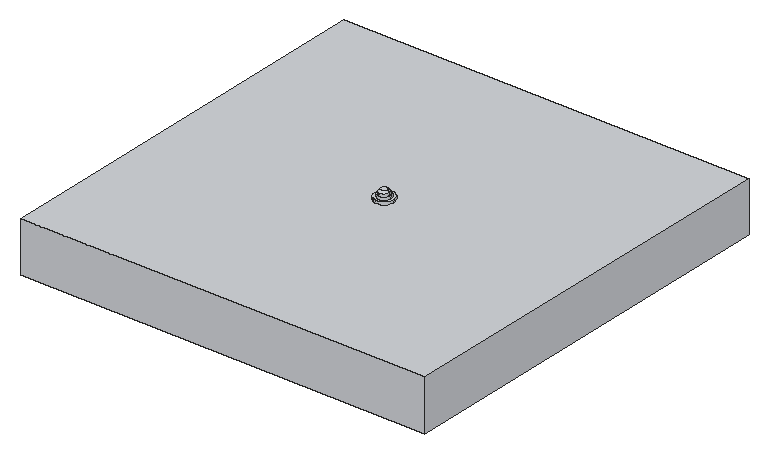
Revit family "M_Detector de calor fixado", category Dispositivos de alarme de incêndio, Revit 2019
Family settings
  Hospedeiro = Face
  Manter orientação da anotação = Não
  Cota do conector redondo = Utilizar diâmetro
  Tipo de parte = Normal
  Número OmniClass = 23.85.30.21.11.11
  Título OmniClass = Fire/Smoke Detectors
  ID de item do Seek = Fixed Heat Detector-0000-CAN-ENU
  Corte com vazios quando carregada = Não
  Compartilhado = Não
  Ponto de cálculo do ambiente = Não
Parameters (values of type "Padrão")
  Raio 2 = 19 mm
  Raio 3 = 29 mm
  Raio 1 = 38 mm
  Raio = Diâmetro * 0.5  # 58 mm
  Legenda = ""
  Diâmetro = 116 mm
  Material do detector = none
  Comprimento 3 = 13 mm
  Comprimento 2 = 13 mm
  Comprimento 1 = 13 mm
  Comprimento = 51 mm
  Elevação-padrão = 1200 mm
Types (4, lengths in mm): name | Legenda
  (no name) | ""
  Padrão | ""
  200F | "200°"
  135F | "135°"
Reference planes
  plane 1 "Centro (Frente/Trás)": y = 0
  plane 2: z = 0
  plane 3 "Centro (Esquerda/Direita)": x = 0
  plane 4: z = 13
  plane 5: z = 51
  plane 6: z = 39
  plane 7: z = 26
Forms (mm)
  Extrusion 1, solid
    sketch origin (0, 0, 0) x (1, 0, 0) y (0, 1, 0)
      loop
        line (-1219.2, 1219.2) -> (-1219.2, -1219.2) -> (1219.2, -1219.2) -> (1219.2, 1219.2) -> (-1219.2, 1219.2)
    from 0 to -304.8
  Extrusion 2, solid, material <- "Material do detector"
    sketch origin (0, 0, 0) x (1, 0, 0) y (0, 1, 0)
      loop
        circle (0, 0) r 58
    from 0 to 13
  Extrusion 3, solid, material <- "Material do detector"
    sketch origin (0, 0, 0) x (1, 0, 0) y (0, 1, 0)
      loop
        circle (0, 0) r 38
    from 13 to 26
  Blend 4, solid, material <- "Material do detector"
    base sketch origin (0, 0, 0) x (1, 0, 0) y (0, 1, 0)
      loop
        circle (0, 0) r 29
    top sketch origin (0, 0, 0) x (1, 0, 0) y (0, 1, 0)
      loop
        circle (0, 0) r 19
    from 39 to 51
  Extrusion 5, solid, material <- "Material do detector"
    sketch origin (0, 0, 0) x (1, 0, 0) y (0, 1, 0)
      loop
        circle (0, 0) r 29
    from 26 to 39
Cuts and joins
  joined: Extrusion 2, Extrusion 3, Blend 4, Extrusion 5
Lines and regions (mm)
  symbolic lines, detail levels fine
    curve 1: arc (-58, 0, 0) -> (0, -58, 0) -> (58, 0, 0) r 58
    curve 2: arc (58, 0, 0) -> (0, 58, 0) -> (-58, 0, 0) r 58
    curve 3: arc (38, 0, 0) -> (0, 38, 0) -> (-38, 0, 0) r 38
    curve 4: arc (-38, 0, 0) -> (0, -38, 0) -> (38, 0, 0) r 38
    curve 5: arc (-29, 0, 0) -> (0, -29, 0) -> (29, 0, 0) r 29
    curve 6: arc (29, 0, 0) -> (0, 29, 0) -> (-29, 0, 0) r 29
    curve 7: arc (19, 0, 0) -> (0, 19, 0) -> (-19, 0, 0) r 19
    curve 8: arc (-19, 0, 0) -> (0, -19, 0) -> (19, 0, 0) r 19
Dimensions and locks
  "Comprimento 1": plane 4 to level
  "Comprimento": plane 5 to level
  "Comprimento 2": plane 7 to plane 4
  "Comprimento 3": plane 6 to plane 7
  "Raio": radius of Extrusion 2 sketch curve
  "Raio 1": radius of Extrusion 3 sketch curve
  "Raio 3": radius of Blend 4 sketch curve
  "Raio 2": radius of Blend 4 sketch curve
  "Raio 3": radius of Extrusion 5 sketch curve
  aligned and locked: plane 2 to Extrusion 1
  aligned and locked: level to Extrusion 1
  aligned and locked: Extrusion 2 to plane 2
  aligned and locked: plane 4 to Extrusion 2
  aligned and locked: Extrusion 3 to plane 4
  aligned and locked: plane 1 "Centro (Frente/Trás)" to Blend 4 sketch curve  (x2)
  aligned and locked: plane 3 "Centro (Esquerda/Direita)" to Blend 4 sketch curve  (x2)
  aligned and locked: plane 5 to Blend 4
  aligned and locked: Blend 4 to plane 6
  aligned and locked: Blend 4 to plane 5
  aligned and locked: plane 1 "Centro (Frente/Trás)" to Extrusion 2 sketch curve
  aligned and locked: plane 3 "Centro (Esquerda/Direita)" to Extrusion 2 sketch curve
  aligned and locked: plane 1 "Centro (Frente/Trás)" to Extrusion 3 sketch curve
  aligned and locked: plane 3 "Centro (Esquerda/Direita)" to Extrusion 3 sketch curve
  aligned and locked: plane 1 "Centro (Frente/Trás)" to Extrusion 5 sketch curve
  aligned and locked: plane 3 "Centro (Esquerda/Direita)" to Extrusion 5 sketch curve
  aligned and locked: plane 6 to Extrusion 5
  aligned and locked: plane 7 to cut or joined group of Extrusion 2, Extrusion 3, Blend 4, Extrusion 5  (x2)
  aligned and locked: cut or joined group of Extrusion 2, Extrusion 3, Blend 4, Extrusion 5 to plane 7
  aligned and locked: curve 1 to cut or joined group of Extrusion 2, Extrusion 3, Blend 4, Extrusion 5
  aligned and locked: curve 2 to cut or joined group of Extrusion 2, Extrusion 3, Blend 4, Extrusion 5
  aligned and locked: curve 3 to cut or joined group of Extrusion 2, Extrusion 3, Blend 4, Extrusion 5
  aligned and locked: curve 4 to cut or joined group of Extrusion 2, Extrusion 3, Blend 4, Extrusion 5
  aligned and locked: curve 5 to cut or joined group of Extrusion 2, Extrusion 3, Blend 4, Extrusion 5
  aligned and locked: curve 6 to cut or joined group of Extrusion 2, Extrusion 3, Blend 4, Extrusion 5
  aligned and locked: curve 7 to cut or joined group of Extrusion 2, Extrusion 3, Blend 4, Extrusion 5
  aligned and locked: curve 8 to cut or joined group of Extrusion 2, Extrusion 3, Blend 4, Extrusion 5
  aligned and locked: plane 1 "Centro (Frente/Trás)" to nested 1
  aligned and locked: nested 1 to plane 3 "Centro (Esquerda/Direita)"
Automatic sketch dimensions
  Extrusion 1 sketch curve to Extrusion 1 sketch curve = 2438.4 mm  (x2)
Nested families
  nested 1: "M_Anotação de detector de calor 1" at (0, 0, 0), type "Anotação do detector de calor 1", detail levels coarse+medium
Connectors
  electrical at (0, 0, 0)
    settings: on Extrusion 2, index 1, voltage 0 V, apparent load 0 VA, apparent load phase1 0 VA, apparent load phase2 0 VA, apparent load phase3 0 VA, power factor 1, load classification "Outros", number of poles 1, system type 11, power factor state 1, is connector primary yes, connector utility no, sub classification motor no, connector description ""
Definition of nested family "M_Anotação de detector de calor 1"
  Parameters
    Legenda 2 = ""
    Legenda 1 = "F"
  Reference planes
    plane 1: y = 0
    plane 2: x = 0
  Lines and regions (mm)
    reference lines
      curve 1: line (-15.09, 1.588, 0) -> (26.249, 1.587, 0)
    detail lines
      curve 2: line (0, 1.588, 0) -> (-1.375, 0.794, 0)
      curve 3: line (-1.375, 0.794, 0) -> (-1.375, -0.794, 0)
      curve 4: line (-1.375, -0.794, 0) -> (0, -1.588, 0)
      curve 5: line (0, -1.588, 0) -> (1.375, -0.794, 0)
      curve 6: line (1.375, -0.794, 0) -> (1.375, 0.794, 0)
      curve 7: line (1.375, 0.794, 0) -> (0, 1.588, 0)
  Text (mm)
    label "F" at (-0.804, -0.095, 0), shows "Legenda 1"
    label "200°" at (1.374, -1.124, 0), shows "Legenda 2"
  Dimensions and locks
    locked: plane 1 to curve 1 at 1.588
